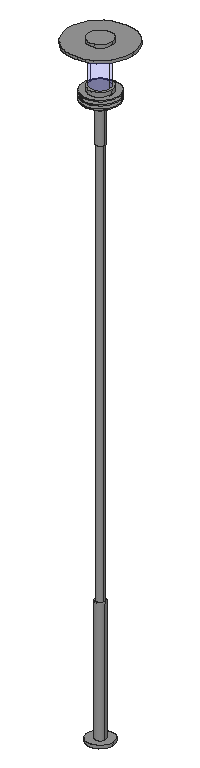
Revit family "7526 Уличный фонарь «Техно - 1» Хоббика", category Антураж, Revit 2018
Family settings
  На основе рабочей плоскости = Нет
  Всегда вертикально = Да
  При загрузке вырезать с полостями = Нет
  Источник визуального образа = Геометрия семейства
  Общий = Нет
  Точка расчета площади = Нет
Parameters (values of type "Версия 5,0 м")
  Ширина = 511 mm  # constant formula
  Цвет каркаса = Сталь
  Описание = if([Версия 3,5 м], "Уличный фонарь «Техно - 1». Версия 3,5 м", if([Версия 4,0 м], "Уличный фонарь «Техно - 1». Версия 4,0 м", if([Версия 4,5 м], "Уличный фонарь «Техно - 1». Версия 4,5 м", "Уличный фонарь «Техно - 1». Версия 5,0 м")))  # "Уличный фонарь «Техно - 1». Версия 5,0 м"
  Материал изделия = "Сталь"  # constant formula
  Изображение типоразмера = Уличный фонарь «Техно - 1» Арт 7526.jpg
  Изготовитель = "ООО «Хоббика»"  # constant formula
  Группа модели = "Светильники со стальными опорами"  # constant formula
  Высота = if([Версия 3,5 м], 3500 mm, if([Версия 4,0 м], 4000 mm, if([Версия 4,5 м], 4500 mm, 5000 mm)))  # 5000 mm
  Версия 5,0 м = yes
  Версия 4,5 м = no
  Версия 4,0 м = no
  Версия 3,5 м = no
  Артикул товара = "Арт. 7526"  # constant formula
  URL = "https://hobbyka.ru/product/ulichnyy_fonar_tekhno_1/"
Types (5, lengths in mm): name | Описание | Высота | Версия 5,0 м | Версия 4,5 м | Версия 4,0 м | Версия 3,5 м
  (no name) | "Уличный фонарь «Техно - 1». Версия 5,0 м" | 5000 | yes | no | no | no
  Версия 3,5 м | "Уличный фонарь «Техно - 1». Версия 3,5 м" | 3500 | no | no | no | yes
  Версия 4,0 м | "Уличный фонарь «Техно - 1». Версия 4,0 м" | 4000 | no | no | yes | no
  Версия 4,5 м | "Уличный фонарь «Техно - 1». Версия 4,5 м" | 4500 | no | yes | no | no
  Версия 5,0 м | "Уличный фонарь «Техно - 1». Версия 5,0 м" | 5000 | yes | no | no | no
Reference planes
  plane 1 "По центру (Вперед/Назад)": y = 0
  plane 2: z = 0
  plane 3 "По центру (Влево/Вправо)": x = 0
  plane 4: y = 511
  plane 5: x = 511
  plane 6: z = 5000
  plane 7: z = 4250
  plane 8: z = 1000
Forms (mm)
  Extrusion 1, solid, material "Сталь" <- "Цвет каркаса"
    sketch origin (0, 0, 0) x (1, 0, 0) y (0, 1, 0)
      loop
        circle (255.5, 255.5) r 28.5
    from 1000 to 4250
  Extrusion 2, solid, material "Сталь" <- "Цвет каркаса"
    sketch origin (0, 0, 0) x (1, 0, 0) y (0, 1, 0)
      loop
        circle (255.5, 255.5) r 38
    from 20 to 1000
  Extrusion 3, solid, material "Сталь" <- "Цвет каркаса"
    sketch origin (0, 0, 0) x (1, 0, 0) y (0, 1, 0)
      loop
        circle (255.5, 255.5) r 100
    from 0 to 20
Dimensions and locks
  locked: plane 3 "По центру (Влево/Вправо)" to plane 5 at 511
  "Ширина": plane 4 to plane 1 "По центру (Вперед/Назад)"
  equal spacing: plane 3 "По центру (Влево/Вправо)", nested 1, plane 5
  equal spacing: plane 1 "По центру (Вперед/Назад)", nested 1, plane 4
  locked: plane 6 to plane 7 at 750
  "Высота": plane 6 to level
  locked: plane 8 to level at 1000
  aligned and locked: level to plane 2
  aligned and locked: nested 1 to plane 7
  aligned and locked: plane 7 to Extrusion 1
  aligned and locked: Extrusion 1 to plane 8
Automatic sketch dimensions
  plane 3 "По центру (Влево/Вправо)" to Extrusion 1 sketch curve = 255.5 mm
  Extrusion 1 sketch curve to plane 1 "По центру (Вперед/Назад)" = 255.5 mm
  plane 3 "По центру (Влево/Вправо)" to Extrusion 2 sketch curve = 255.5 mm
  Extrusion 2 sketch curve to plane 1 "По центру (Вперед/Назад)" = 255.5 mm
  Extrusion 2 sketch curve to Extrusion 2 sketch curve = 38 mm
  Extrusion 3 sketch curve to Extrusion 3 sketch curve = 0 mm  (x2)
  plane 3 "По центру (Влево/Вправо)" to Extrusion 3 sketch curve = 255.5 mm
  Extrusion 3 sketch curve to plane 1 "По центру (Вперед/Назад)" = 255.5 mm
  Extrusion 3 sketch curve to Extrusion 3 sketch curve = 100 mm
  radius of Extrusion 1 sketch curve = 28.5 mm
Nested families
  nested 1: "Уличный фонарь «Техно - 1» Арт 7526" at (255.5, 255.5, 4250), type "Уличный фонарь «Техно - 1» Арт 7526"
Definition of nested family "Уличный фонарь «Техно - 1» Арт 7526"
  Parameters (values of type "Уличный фонарь «Техно - 1» Арт 7526")
    Цвет каркаса = none
    Height = 0 mm
  Reference planes
    plane 1 "По центру (Вперед/Назад)": y = 0
    plane 2: z = 0
    plane 3 "По центру (Влево/Вправо)": x = 0
  Forms (mm)
    Extrusion 1, solid, material <- "Цвет каркаса"
      sketch origin (0, 0, 0) x (1, 0, 0) y (0, 1, 0)
        loop
          circle (0, 0) r 255.5
        loop
          circle (0, 0) r 77.5
      from 710 to 730
    Extrusion 2, solid, material <- "Цвет каркаса"
      sketch origin (0, 0, 0) x (1, 0, 0) y (0, 1, 0)
        loop
          circle (0, 0) r 92.5
      from 730 to 750
    Extrusion 3, solid
      sketch origin (0, 0, 0) x (1, 0, 0) y (0, 1, 0)
        loop
          circle (0, 0) r 77.5
      from 410.395 to 730
    Extrusion 4, solid, material <- "Цвет каркаса"
      sketch origin (0, 0, 0) x (1, 0, 0) y (0, 1, 0)
        loop
          circle (0, 0) r 92.5
      from 283.538 to 410.395
    Extrusion 5, solid, material <- "Цвет каркаса"
      sketch origin (0, 0, 0) x (1, 0, 0) y (0, 1, 0)
        loop
          circle (0, 0) r 140
      from 375 to 380
    Extrusion 6, solid, material <- "Цвет каркаса"
      sketch origin (0, 0, 0) x (1, 0, 0) y (0, 1, 0)
        loop
          circle (0, 0) r 140
      from 345 to 350
    Extrusion 7, solid, material <- "Цвет каркаса"
      sketch origin (0, 0, 0) x (1, 0, 0) y (0, 1, 0)
        loop
          circle (0, 0) r 140
      from 315 to 320
    Extrusion 8, solid, material <- "Цвет каркаса"
      sketch origin (0, 0, 0) x (1, 0, 0) y (0, 1, 0)
        loop
          circle (0, 0) r 35
      from 0 to 283.538
  Cuts and joins
    joined: Extrusion 4, Extrusion 5, Extrusion 6, Extrusion 7
  Dimensions and locks
    aligned and locked: level to plane 2
